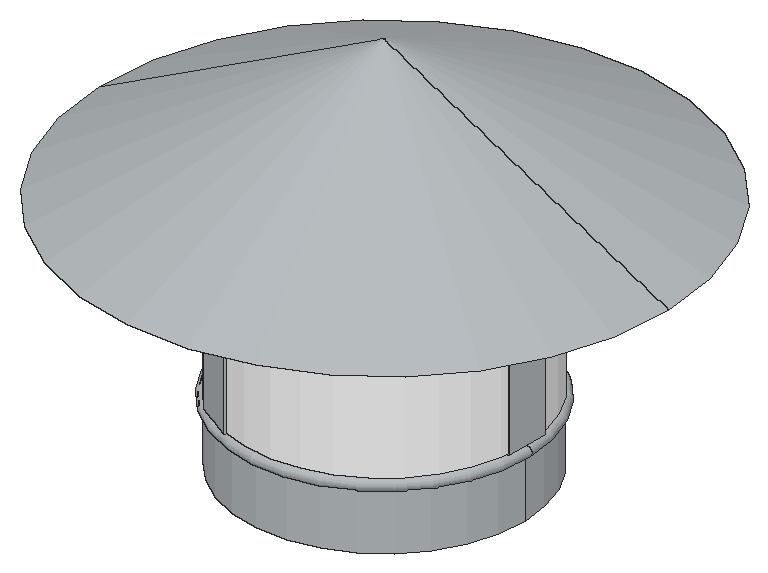
Revit family "NLRS_57_AIR_UN_exhaust rain hood vrk-vrkg LT_velu", category Air Terminals, Revit 2019
Family settings
  Round Connector Dimension = Use Diameter
  Part Type = Normal
  Work Plane-Based = No
  Always vertical = No
  Cut with Voids When Loaded = No
  Shared = No
  Room Calculation Point = No
Parameters (values of type "Regenkap met gaas")
  VELU_pijlen_zichtbaar [instance] = yes
  VELU_Verbindingslengte [instance] = size_lookup(LookupTable, "Lo", 40 mm, SACS_Diameter)  # 40 mm
  VELU_Prijs_Datum [instance] = size_lookup(LookupTable, "Date", "NB", SACS_Diameter, SACS_Base_Index * 1 mm)  # "01-02-2022"
  VELU_Geen_Gaas = not(VELU_Gaas)  # no
  VELU_Gaas = yes
  VELU_Foutmelding [instance] = if(not(NLRS_M_c01_diameter = SACS_Diameter), "Niet leverbare kanaalmaat!", " ")  # " "
  VELU_Diameter1 [instance] = SACS_Diameter  # 200 mm
  VELU_Bruto_Prijs [instance] = size_lookup(LookupTable, "Product_Cost", 0, SACS_Diameter, SACS_Base_Index * 1 mm)  # 39.25
  VELU_Artikel_code [instance] = size_lookup(LookupTable, "", "NB", SACS_Diameter, SACS_Base_Index * 1 mm)  # "5060002918"
  URL = "https://velu.nl/producten/"
  SACS_Z_Offset [instance] = size_lookup(LookupTable, "C2", 242 mm, SACS_Diameter)  # 167 mm
  SACS_Radius_1 [instance] = SACS_Diameter / 2 - 1 mm  # 99 mm
  SACS_Height2 [instance] = size_lookup(LookupTable, "H", 350 mm, NLRS_M_c01_diameter)  # 100 mm
  SACS_Height1 [instance] = size_lookup(LookupTable, "C", 180 mm, SACS_Diameter)  # 120 mm
  SACS_Diameter2 [instance] = size_lookup(LookupTable, "A", 630 mm, SACS_Diameter)  # 400 mm
  SACS_Diameter [instance] = if(NLRS_M_c01_diameter > 710 mm, 800 mm, if(NLRS_M_c01_diameter > 630 mm, 710 mm, if(NLRS_M_c01_diameter > 560 mm, 630 mm, if(NLRS_M_c01_diameter > 500 mm, 560 mm, if(NLRS_M_c01_diameter > 450 mm, 500 mm, if(NLRS_M_c01_diameter > 400 mm, 450 mm, if(NLRS_M_c01_diameter > 355 mm, 400 mm, if(NLRS_M_c01_diameter > 315 mm, 355 mm, if(NLRS_M_c01_diameter > 300 mm, 315 mm, if(NLRS_M_c01_diameter > 280 mm, 300 mm, if(NLRS_M_c01_diameter > 250 mm, 280 mm, if(NLRS_M_c01_diameter > 224 mm, 250 mm, if(NLRS_M_c01_diameter > 200 mm, 224 mm, if(NLRS_M_c01_diameter > 180 mm, 200 mm, if(NLRS_M_c01_diameter > 160 mm, 180 mm, if(NLRS_M_c01_diameter > 150 mm, 160 mm, if(NLRS_M_c01_diameter > 125 mm, 150 mm, if(NLRS_M_c01_diameter > 100 mm, 125 mm, if(NLRS_M_c01_diameter > 80 mm, 100 mm, 80 mm)))))))))))))))))))  # 200 mm
  SACS_Base_Index = 1
  SACS_Array_Count [instance] = size_lookup(LookupTable, "BG", 3 mm, SACS_Diameter) / 1 mm  # 3
  SACS_Angle1 [instance] = 360.00° - (360.00° / SACS_Array_Count)  # 240.00°
  NLRS_M_c01_diameter [instance] = 200 mm
  NLRS_M_c01_debiet [instance] = 0.0 L/s
  NLRS_C_niveau ontwikkeling = "LOD400"  # constant formula
  NLRS_C_model [instance] = size_lookup(LookupTable, "Model", "NB", SACS_Diameter, SACS_Base_Index * 1 mm)  # "VRKG 200"
  NLRS_C_description = Description  # "Velu uitblaas regenkap met of zonder gaas, type VRKG en VRK"
  NLRS_C_content_versie = "3.19.01"  # constant formula
  NLRS_C_content_provider = "Velu Ventliatietechniek BV"  # constant formula
  NLRS_C_content_datum_uitgifte = "23-02-2022"  # constant formula
  NLRS_C_content_creator = "J. Feeke"  # constant formula
  Model = "VRK/VRKG"  # constant formula
  Manufacturer = "Velu Ventilatietechniek BV"  # constant formula
  LookupTable = "VRKG"  # constant formula
  LoadBearing = 1 = 0  # no
  IsExternal = 1 = 1  # yes
  IfcExportType = "Diffuser"  # constant formula
  IfcExportAs = "IfcAirterminal"  # constant formula
  IfcDescription = Description  # "Velu uitblaas regenkap met of zonder gaas, type VRKG en VRK"
  FireRating = "00"  # constant formula
  Description = "Velu uitblaas regenkap met of zonder gaas, type VRKG en VRK"  # constant formula
  Assembly Code = "57.00"
Types (3, lengths in mm): name | VELU_Geen_Gaas | VELU_Gaas | VELU_Diameter1 | VELU_Bruto_Prijs | VELU_Artikel_code | SACS_Z_Offset | SACS_Radius_1 | SACS_Height2 | SACS_Height1 | SACS_Diameter2 | SACS_Diameter | SACS_Base_Index | SACS_Array_Count | SACS_Angle1 | NLRS_M_c01_diameter | NLRS_C_model
  (no name) | no | yes | 200 | 39.25 | "5060002918" | 167 | 99 | 100 | 120 | 400 | 200 | 1 | 3 | 240.00° | 200 | "VRKG 200"
  Regenkap | yes | no | 315 | 40.65 | "5060002903" | 242 | 156.5 | 130 | 180 | 630 | 315 | 0 | 4 | 270.00° | 315 | "VRK 315"
  Regenkap met gaas | no | yes | 200 | 39.25 | "5060002918" | 167 | 99 | 100 | 120 | 400 | 200 | 1 | 3 | 240.00° | 200 | "VRKG 200"
Reference planes
  plane 1 "Center (Front/Back)": y = 0
  plane 2: z = 0
  plane 3 "Center (Left/Right)": x = 0
  plane 4 "HoodBase": z = 128
  plane 5 "Mesh_start": z = 8
  plane 6: z = 175
Forms (mm)
  Sweep 1, solid, material "NLRS_57_sendzimir verzinkt_gen_sacs", detail levels medium+fine
    path in 3D
      loop
        arc (-100, 0, 0) -> (0, -100, 0) -> (100, 0, 0) r 100
        arc (100, 0, 0) -> (0, 100, 0) -> (-100, 0, 0) r 100
    profile "Insertion_Profile : Insertion_Profile" origin (0, 100, 0) x (0, -1, 0) y (0, 0, 1)
      loop
        line (1.5, -40) -> (1.5, 1) -> (0.5, 1)
        arc (0.5, 1) -> (-2.5, 4) -> (0.5, 7) r 3
        line (0.5, 7) -> (1.5, 7) -> (1.5, 8) -> (0.5, 8)
        arc (0.5, 8) -> (-3.5, 4) -> (0.5, 0) r 4
        line (0.5, 0) -> (0.5, -40) -> (1.5, -40)
  Extrusion 2, solid, material "NLRS_57_sendzimir verzinkt gaas_gen_sacs", visible <- "VELU_Gaas", detail levels medium+fine
    sketch origin (0, 0, 128) x (-1, 0, 0) y (0, -1, 0)
      loop
        circle (0, 0) r 100
      loop
        circle (0, 0) r 99
    from -120 to 47
  Sweep 3, solid, material "NLRS_57_sendzimir verzinkt_gen_sacs", detail levels medium+fine
    path in 3D
      loop
        arc (200, 0, 128) -> (0, 200, 128) -> (-200, 0, 128) r 200
        arc (-200, 0, 128) -> (0, -200, 128) -> (200, 0, 128) r 200
    profile "VRK_KapProfile : VRK_KapProfile" origin (0, -200, 128) x (0, 1, 0) y (0, 0, 1)
      loop
        line (0, 0) -> (1, 0) -> (199.8, 99) -> (199.8, 100) -> (0, 0)
  Sweep 4, solid, material "NLRS_57_sendzimir verzinkt_gen_sacs", visible <- "VELU_Geen_Gaas", detail levels medium+fine
    path in 3D
      loop
        arc (-100, 0, 0) -> (0, -100, 0) -> (100, 0, 0) r 100
        arc (100, 0, 0) -> (0, 100, 0) -> (-100, 0, 0) r 100
    profile "Insertion_Profile : Insertion_Profile" origin (0, 100, 0) x (0, -1, 0) y (0, 0, 1)
      loop
        line (2, 48) -> (1, 48) -> (1, 8)
        arc (1, 8) -> (-3, 4) -> (1, 0) r 4
        line (1, 0) -> (2, 0) -> (2, 1) -> (1, 1)
        arc (1, 1) -> (-2, 4) -> (1, 7) r 3
        line (1, 7) -> (2, 7) -> (2, 48)
  Extrusion 5, solid, not visible
    sketch origin (0, 0, -85) x (-1, 0, 0) y (0, -1, 0)
      loop
        circle (0, 0) r 1
    from 85 to 93
  Extrusion 6, solid, material "VELU_Label", not visible
    sketch origin (-547.644, -297.937, 0) x (1, 0, 0) y (0, 1, 0)
      loop
        arc (544.644, 300.937) -> (541.644, 297.937) -> (544.644, 294.937) r 3
        line (544.644, 294.937) -> (544.644, 297.937) -> (547.644, 294.937) -> (547.644, 297.937) -> (544.644, 300.937)
    from 0 to 2
  Extrusion 7, solid, material "VELU_Label", not visible
    sketch origin (0, 0, 0) x (1, 0, 0) y (0, 1, 0)
      loop
        arc (3, -3) -> (6, 0) -> (3, 3) r 3
        line (3, 3) -> (3, 0) -> (0, 3) -> (0, 0) -> (3, -3)
    from 0 to 2
Lines and regions (mm)
  model lines, not visible
    curve 1: circle (0, 0, 0) r 100 normal (0, 0, 1)
    curve 3: circle (0, 0, 128) r 200 normal (0, 0, 1)
  sketch lines
    curve 2: circle (0, 0, 0) r 100 normal (0, 0, 1)
    curve 4: circle (0, 0, 128) r 200 normal (0, 0, 1)
    curve 5: circle (0, 0, 0) r 100 normal (0, 0, 1)
Dimensions and locks
  locked: plane 5 "Mesh_start" to level at 8
  "SACS_Height1": plane 4 "HoodBase" to plane 5 "Mesh_start"
  "SACS_Z_Offset": plane 6 to plane 5 "Mesh_start"
  "SACS_Diameter": diameter of curve 1
  "SACS_Diameter2": diameter of curve 3
  "SACS_Radius_1": radius of Extrusion 2 sketch curve
  "SACS_Diameter": diameter of Extrusion 2 sketch curve
  "SACS_Angle1": angle radial array to radial array
  aligned and locked: level to plane 2
  aligned and locked: Extrusion 2 to plane 5 "Mesh_start"
  aligned and locked: plane 6 to Extrusion 2
  aligned and locked: Extrusion 5 to level
  aligned and locked: plane 5 "Mesh_start" to Extrusion 5
Automatic sketch dimensions
  plane 1 "Center (Front/Back)" to Extrusion 5 sketch curve = 0 mm
  Extrusion 5 sketch curve to plane 3 "Center (Left/Right)" = 0 mm
  plane 1 "Center (Front/Back)" to Extrusion 6 sketch curve = 0 mm  (x3)
  Extrusion 6 sketch curve to plane 3 "Center (Left/Right)" = 0 mm
  Extrusion 6 sketch curve to plane 3 "Center (Left/Right)" = 3 mm
  plane 1 "Center (Front/Back)" to Extrusion 6 sketch curve = 3 mm  (x2)
  plane 1 "Center (Front/Back)" to Extrusion 7 sketch curve = 0 mm  (x3)
  Extrusion 7 sketch curve to plane 3 "Center (Left/Right)" = 0 mm
  Extrusion 7 sketch curve to Extrusion 7 sketch curve = 3 mm
  plane 1 "Center (Front/Back)" to Extrusion 7 sketch curve = 3 mm
  Extrusion 7 sketch curve to Extrusion 7 sketch curve = 0 mm
  plane 1 "Center (Front/Back)" to curve 1 = 0 mm
  curve 1 to plane 3 "Center (Left/Right)" = 0 mm
  plane 1 "Center (Front/Back)" to curve 3 = 0 mm
  curve 3 to plane 3 "Center (Left/Right)" = 0 mm
  Extrusion 2 sketch curve to Extrusion 2 sketch curve = 0 mm  (x2)
  plane 1 "Center (Front/Back)" to Extrusion 2 sketch curve = 0 mm
  Extrusion 2 sketch curve to plane 3 "Center (Left/Right)" = 0 mm
  radius of Extrusion 5 sketch curve = 1 mm
Nested families
  nested 1: "VRKBeugel" at (0, 0, 8) x (-0.866, 0.5, 0) z (0, 0, 1), Radius <- "SACS_Radius_1", Height <- "SACS_Z_Offset", type "VRKBeugel", detail levels medium+fine
    with Radius 99 mm, Height 167 mm
  nested 2: "VRKBeugel" at (0, 0, 8) x (0, -1, 0) z (0, 0, 1), Radius <- "SACS_Radius_1", Height <- "SACS_Z_Offset", type "VRKBeugel", detail levels medium+fine
    with Radius 99 mm, Height 167 mm
  nested 3: "VRKBeugel" at (0, 0, 8) x (0.866, 0.5, 0) z (0, 0, 1), Radius <- "SACS_Radius_1", Height <- "SACS_Z_Offset", type "VRKBeugel", detail levels medium+fine
    with Radius 99 mm, Height 167 mm
  nested 4: "Return Arrows" at (0, 0, 128), Face_Width <- "SACS_Diameter2", Enabled <- "VELU_pijlen_zichtbaar", type "Return Arrows"
    with SACS_Arrow_Start 212.5 mm, SACS_Arrow_End 362.5 mm, Face_Width 400 mm, Enabled yes
Connectors
  hvac at (0, 0, 0), driven by "NLRS_M_c01_diameter", driven by "NLRS_M_c01_debiet"
    settings: on Extrusion 5, index 1, duct flow 0.0 L/s, flow factor 0, pres drop 0.0 Pa, loss coef 0, conn angle 0.00°, conn width 304.8 mm, conn height 304.8 mm, conn diameter 200 mm, duct sys type 3, conn prof type 0, flow config 1, flow direction 1, loss method 0, conn ref index -1, conn util no, is conn primary yes, conn desc ""
Definition of nested family "VRKBeugel"
  Parameters (values of type "VRKBeugel")
    Radius [instance] = 300 mm
    Height [instance] = 300 mm
  Reference planes
    plane 1 "Center (Front/Back)": y = 0
    plane 2: z = 0
    plane 3 "Center (Left/Right)": x = 0
    plane 4: y = 300
    plane 5: x = -15
    plane 6: x = 15
    plane 7: y = 301.5
  Forms (mm)
    Extrusion 1, solid
      sketch origin (0, 0, 0) x (1, 0, 0) y (0, 1, 0)
        loop
          line (-15, 301.5) -> (-15, 300) -> (15, 300) -> (15, 301.5) -> (-15, 301.5)
      from 0 to 300
  Dimensions and locks
    equal spacing: plane 5, plane 3 "Center (Left/Right)", plane 6
    "Radius": plane 1 "Center (Front/Back)" to plane 4
    locked: plane 7 to plane 4 at 1.5
    locked: plane 5 to plane 6 at 30
    "Height": Extrusion 1 to level
    aligned and locked: level to plane 2
    aligned and locked: Extrusion 1 sketch curve to plane 7
    aligned and locked: plane 4 to Extrusion 1 sketch curve
    aligned and locked: Extrusion 1 sketch curve to plane 5
    aligned and locked: plane 6 to Extrusion 1 sketch curve
    aligned and locked: Extrusion 1 to level
Definition of nested family "Return Arrows"
  Parameters (values of type "Return Arrows")
    SACS_Arrow_Start [instance] = (Face_Width + 25 mm) / 2  # 297.5 mm
    Face_Width [instance] = 570 mm
    SACS_Arrow_End [instance] = SACS_Arrow_Start + 150 mm  # 447.5 mm
    Enabled [instance] = yes
  Reference planes
    plane 1 "Center (Front/Back)": y = 0
    plane 2: z = 0
    plane 3 "Center (Left/Right)": x = 0
    plane 4: x = 387.5
    plane 5: x = 297.5
    plane 6: x = 447.5
    plane 7: y = -447.5
    plane 8: x = -447.5
    plane 9: y = 447.5
    plane 10: x = -387.5
    plane 11: x = -297.5
    plane 12: y = 387.5
    plane 13: y = 297.5
    plane 14: y = -387.5
    plane 15: y = -297.5
    plane 16: y = 570
    plane 17: x = -570
    plane 18: y = -570
    plane 19: x = 570
    plane 20: x = -285
    plane 21: y = -285
    plane 22: x = 285
    plane 23: y = 285
  Lines and regions (mm)
    Filled region 1, type "Solid Fill - Black", in view "Ref. Level", visible <- "Enabled"
      outline origin (-440.46, 0, 0) x (1, 0, 0) y (0, 1, 0)
        loop
          line (827.96, 30) -> (827.96, -30) -> (887.96, 0) -> (827.96, 30)
    Filled region 2, type "Solid Fill - Black", in view "Ref. Level", visible <- "Enabled"
      outline origin (400.46, 0, 0) x (0, 1, 0) y (-1, 0, 0)
        loop
          line (30, 787.96) -> (0, 847.96) -> (-30, 787.96) -> (30, 787.96)
    Filled region 3, type "Solid Fill - Black", in view "Ref. Level", visible <- "Enabled"
      outline origin (0, -459.449, 0) x (0, 1, 0) y (-1, 0, 0)
        loop
          line (846.949, 30) -> (846.949, -30) -> (906.949, 0) -> (846.949, 30)
    Filled region 4, type "Solid Fill - Black", in view "Ref. Level", visible <- "Enabled"
      outline origin (0, 341.471, 0) x (-1, 0, 0) y (0, -1, 0)
        loop
          line (30, 728.971) -> (0, 788.971) -> (-30, 728.971) -> (30, 728.971)
    detail lines, in view "Ref. Level", visible <- "Enabled"
      curve 1: line (297.5, 0, 0) -> (447.5, 0, 0)
      curve 2: line (-297.5, 0, 0) -> (-447.5, 0, 0)
      curve 3: line (0, 297.5, 0) -> (0, 447.5, 0)
      curve 4: line (0, -297.5, 0) -> (0, -447.5, 0)
    detail lines, in view "Ref. Level", detail levels coarse
      curve 5: line (-285, 285, 0) -> (285, 285, 0)
      curve 6: line (-285, -285, 0) -> (-285, 285, 0)
      curve 7: line (285, -285, 0) -> (-285, -285, 0)
      curve 8: line (285, 285, 0) -> (285, -285, 0)
      curve 9: line (285, 285, 0) -> (-285, -285, 0)
  Dimensions and locks
    "SACS_Arrow_Start": plane 13 to plane 1 "Center (Front/Back)"
    "SACS_Arrow_Start": plane 3 "Center (Left/Right)" to plane 5
    "SACS_Arrow_Start": plane 15 to plane 1 "Center (Front/Back)"
    "SACS_Arrow_Start": plane 11 to plane 3 "Center (Left/Right)"
    "SACS_Arrow_End": plane 8 to plane 3 "Center (Left/Right)"
    "SACS_Arrow_End": plane 3 "Center (Left/Right)" to plane 6
    "SACS_Arrow_End": plane 1 "Center (Front/Back)" to plane 9
    "SACS_Arrow_End": plane 7 to plane 1 "Center (Front/Back)"
    equal spacing: plane 20, plane 3 "Center (Left/Right)", plane 22
    equal spacing: plane 23, plane 1 "Center (Front/Back)", plane 21
    "Face_Width": plane 20 to plane 22
    "Face_Width": plane 23 to plane 21
    locked: plane 8 to plane 10 at 60
    locked: plane 7 to plane 14 at 60
    locked: plane 4 to plane 6 at 60
    locked: plane 9 to plane 12 at 60
    aligned and locked: curve 5 to plane 23
    aligned and locked: curve 8 to plane 22
    aligned and locked: plane 21 to curve 7
  Automatic sketch dimensions
    plane 1 "Center (Front/Back)" to Filled region 1 sketch curve = 0 mm
    plane 5 to Filled region 1 sketch curve = 150 mm
    Filled region 1 sketch curve to plane 4 = 0 mm
    plane 1 "Center (Front/Back)" to Filled region 1 sketch curve = 30 mm
    Filled region 1 sketch curve to plane 1 "Center (Front/Back)" = 30 mm
    Filled region 2 sketch curve to plane 10 = 0 mm
    plane 1 "Center (Front/Back)" to Filled region 2 sketch curve = 0 mm
    plane 11 to Filled region 2 sketch curve = 150 mm
    plane 1 "Center (Front/Back)" to Filled region 2 sketch curve = 30 mm
    Filled region 2 sketch curve to plane 1 "Center (Front/Back)" = 30 mm
    Filled region 3 sketch curve to plane 3 "Center (Left/Right)" = 0 mm
    plane 13 to Filled region 3 sketch curve = 150 mm
    Filled region 3 sketch curve to plane 12 = 0 mm
    plane 3 "Center (Left/Right)" to Filled region 3 sketch curve = 30 mm
    Filled region 3 sketch curve to plane 3 "Center (Left/Right)" = 30 mm
    plane 14 to Filled region 4 sketch curve = 0 mm
    Filled region 4 sketch curve to plane 3 "Center (Left/Right)" = 0 mm
    plane 15 to Filled region 4 sketch curve = 150 mm
    plane 3 "Center (Left/Right)" to Filled region 4 sketch curve = 30 mm
    Filled region 4 sketch curve to plane 3 "Center (Left/Right)" = 30 mm
    plane 1 "Center (Front/Back)" to curve 2 = 0 mm
    curve 2 to plane 8 = 0 mm
    curve 2 to plane 11 = 0 mm
    curve 3 to plane 3 "Center (Left/Right)" = 0 mm
    curve 4 to plane 3 "Center (Left/Right)" = 0 mm
    plane 1 "Center (Front/Back)" to curve 1 = 0 mm
    curve 1 to plane 5 = 0 mm
    curve 1 to plane 6 = 0 mm
    curve 4 to plane 7 = 0 mm
    plane 15 to curve 4 = 0 mm
    curve 3 to plane 13 = 0 mm
    curve 3 to plane 9 = 0 mm
    curve 6 to plane 20 = 0 mm
